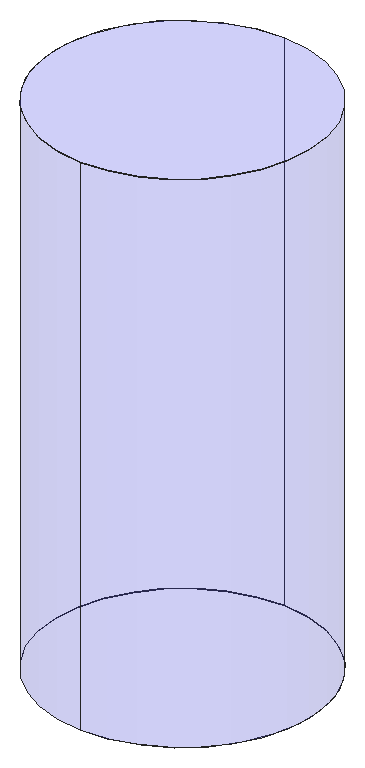
Revit family "M_Iluminação de estúdio", category Luminárias, Revit 2019
Family settings
  Cota do conector redondo = Utilizar diâmetro
  Tipo de parte = Normal
  Número OmniClass = 23.80.70.11.11
  Título OmniClass = General Luminaries, Non Directional
  ID de item do Seek = Studio Light-0000-CAN-ENU
  Com base no plano de trabalho = Não
  Sempre na vertical = Sim
  Corte com vazios quando carregada = Não
  Fonte luminosa = Sim
  Compartilhado = Não
  Ponto de cálculo do ambiente = Não
Parameters (values of type "277V")
  Comentários de voltagem = "100"
  Wattage = 100 W
  built-in parameter 1150110 = 1 (stored number, unit not read)
  built-in parameter 1114217 = 1 (stored number, unit not read)
  built-in parameter 1150109 = 1 (stored number, unit not read)
  built-in parameter 1150134 = 12
  built-in parameter 1150113 = 1 (stored number, unit not read)
  Tilt Angle = 90.00°
  Arquivo de rede fotométrica = "SL1MH.IES"
  built-in parameter 1150115 = 1 (stored number, unit not read)
  built-in parameter 1150105 = 565.8 (stored number, unit not read)
  Classificação de carga = Iluminação - Unidade de interrupção
  built-in parameter 1150137 = 1
  built-in parameter 1150139 = (empty or 0)
  built-in parameter 1150112 = 1 (stored number, unit not read)
  Material da luminária = Vidro
  built-in parameter 1150114 = 1 (stored number, unit not read)
  built-in parameter 1150132 = (empty or 0)
  built-in parameter 1150102 = (empty or 0)
  built-in parameter 1150138 = (empty or 0)
  built-in parameter 1150107 = 4000 (stored number, unit not read)
  built-in parameter 1150106 = 5.658 (stored number, unit not read)
  built-in parameter 1150104 = 6.6054 (stored number, unit not read)
  Dimming Lamp Color Temperature Shift = (empty or 0)
  Altura-padrão = 2400 mm
  Lumens = 7110 lm
  Color Filter = 16777215
  Voltagem = 277 V
  Número de pólos = 1
  built-in parameter 1114218 = 1 (stored number, unit not read)
  built-in parameter 1150133 = 10 (stored number, unit not read)
  Apparent Load = 100 VA
Types (3, lengths in mm): name | Voltagem
  (no name) | 277 V
  120V | 120 V
  277V | 277 V
Reference planes
  plane 1 "Eixo de origem da luz": y = 0
  plane 2: z = 0
  plane 3 "Eixo de origem da luz": x = 0
  plane 4 "Elevação da origem da luz": z = 2400
  plane 5: z = 2412.7
Forms (mm)
  Extrusion 1, solid, material "Vidro" <- "Material da luminária"
    sketch origin (0, 0, 2400) x (0, -1, 0) y (1, 0, 0)
      loop
        circle (0, 0) r 3.175
    from 0 to 12.7
Lines and regions (mm)
  model lines, style "LightingFixtures"
    curve 1: arc (258.5, 0, 2400) -> (4.5, 0, 2654) -> (-249.5, 0, 2400) r 254
    curve 2: arc (-249.5, 0, 2400) -> (4.5, 0, 2146) -> (258.5, 0, 2400) r 254
    curve 3: arc (0, 304.8, 2400) -> (0, 0, 2704.8) -> (0, -304.8, 2400) r 304.8
    curve 4: arc (0, -304.8, 2400) -> (0, 0, 2095.2) -> (0, 304.8, 2400) r 304.8
  symbolic lines, style "LightingFixtures"
    curve 5: arc (304.8, 0, 2400) -> (0, -304.8, 2400) -> (-304.8, 0, 2400) r 304.8
    curve 6: arc (-304.8, 0, 2400) -> (0, 304.8, 2400) -> (304.8, 0, 2400) r 304.8
Dimensions and locks
  "Altura-padrão": plane 2 to plane 4 "Elevação da origem da luz"
  plane 5 to plane 4 "Elevação da origem da luz" = 12.7 mm
  radius of Extrusion 1 sketch curve = 3.175 mm
  aligned and locked: plane 3 "Eixo de origem da luz" to imposter light
  aligned and locked: plane 1 "Eixo de origem da luz" to imposter light
  aligned and locked: plane 4 "Elevação da origem da luz" to imposter light
  aligned and locked: plane 3 "Eixo de origem da luz" to Extrusion 1 sketch curve
  aligned and locked: plane 1 "Eixo de origem da luz" to Extrusion 1 sketch curve
  aligned and locked: plane 5 to Extrusion 1
  aligned and locked: plane 4 "Elevação da origem da luz" to Extrusion 1
  aligned and locked: plane 1 "Eixo de origem da luz" to curve 6
  aligned and locked: plane 3 "Eixo de origem da luz" to curve 6
  aligned and locked: plane 4 "Elevação da origem da luz" to curve 2
  aligned and locked: plane 3 "Eixo de origem da luz" to curve 4
Automatic sketch dimensions
  curve 2 to plane 3 "Eixo de origem da luz" = 249.5 mm
  plane 3 "Eixo de origem da luz" to curve 2 = 4.5 mm
  curve 4 to plane 4 "Elevação da origem da luz" = 0 mm
  curve 4 to plane 1 "Eixo de origem da luz" = 0 mm
  plane 1 "Eixo de origem da luz" to curve 3 = 304.8 mm
  curve 5 to plane 3 "Eixo de origem da luz" = 304.8 mm
Connectors
  electrical at (0, 0, 2400), driven by "Apparent Load", driven by "Voltagem", driven by "Número de pólos", driven by "Classificação de carga"
    settings: on Extrusion 1, index 1, voltage 277 V, apparent load 0 VA, apparent load phase1 100 VA, apparent load phase2 0 VA, apparent load phase3 0 VA, power factor 0.95, load classification "Iluminação - Unidade de interrupção", number of poles 1, system type 31, power factor state 1, is connector primary yes, connector utility no, sub classification motor no, connector description ""
